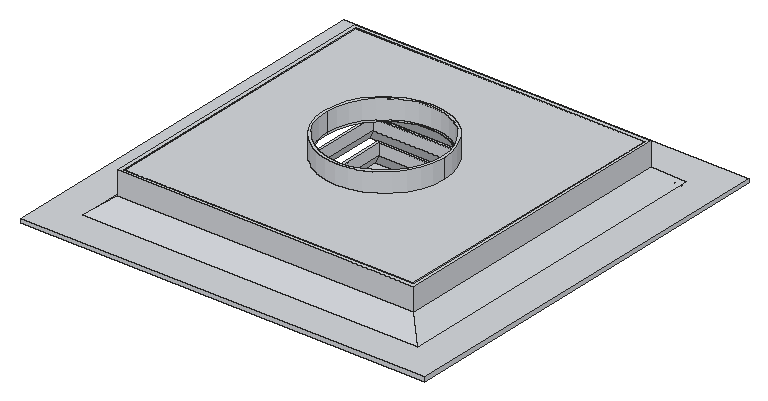
Revit family "Square Diffuser-Round Neck-Return", category Air Terminals, Revit 2013
Parameters (values of type "525x525-Square Diffuser-Round Neck-Return")
  UpFlowArrow [instance] = yes
  Spigot Radius [instance] = Spigot Diameter / 2  # 75 mm
  Spigot Outside Radius [instance] = Spigot Radius + 3.0 mm  # 78 mm
  Spigot Diameter [instance] = if(Air Flow < 31.0 L/s, 100.0 mm, if(Air Flow < 71.0 L/s, 150.0 mm, if(Air Flow < 121.0 L/s, 200.0 mm, if(Air Flow < 201.0 L/s, 250.0 mm, 300.0 mm))))  # 150 mm
  Pressure Drop [instance] = 14.0 Pa
  RightFlowArrow [instance] = yes
  Max Flow = 70.0 L/s
  LeftFlowArrow [instance] = yes
  Flow [instance] = 70.0 L/s
  Diffuser Service [instance] = "RD"
  Diffuser Neck Length = 375 mm
  Diffuser Neck Width = 375 mm
  DownFlowArrow [instance] = yes
  Diffuser Total Length = Diffuser Neck Length + 150.0 mm  # 525.0 mm
  Diffuser Total Width = Diffuser Neck Width + 150.0 mm  # 525.0 mm
  Description = ""
  Assembly Code = ""
  Air Flow [instance] = Flow  # 70.0 L/s
Types (5, lengths in mm): name | Spigot Radius | Spigot Outside Radius | Spigot Diameter | Max Flow | Flow | Diffuser Neck Length | Diffuser Neck Width | Diffuser Total Length | Diffuser Total Width | Air Flow
  600x600-Square Diffuser-Round Neck-Return | 75 | 78 | 150 | 70.0 L/s | 70.0 L/s | 450 | 450 | 600.0 | 600.0 | 70.0 L/s
  525x525-Square Diffuser-Round Neck-Return | 75 | 78 | 150 | 70.0 L/s | 70.0 L/s | 375 | 375 | 525.0 | 525.0 | 70.0 L/s
  450x450-Square Diffuser-Round Neck-Return | 75 | 78 | 150 | 70.0 L/s | 70.0 L/s | 300 | 300 | 450.0 | 450.0 | 70.0 L/s
  300x300-Square Diffuser-Round Neck-Return | 50 | 53 | 100 | 30.0 L/s | 30.0 L/s | 225 | 225 | 375.0 | 375.0 | 30.0 L/s
  375x375-Square Diffuser-Round Neck-Return | 75 | 78 | 150 | 70.0 L/s | 70.0 L/s | 225 | 225 | 375.0 | 375.0 | 70.0 L/s
Reference planes
  plane 1 "Center (Front/Back)": y = 0
  plane 2: z = 0
  plane 3 "Center (Left/Right)": x = 0
  plane 4: x = -187.5
  plane 5: x = 187.5
  plane 6: x = -192.5
  plane 7: x = 192.5
  plane 8: y = 187.5
  plane 9: y = -187.5
  plane 10: y = 192.5
  plane 11: y = -192.5
  plane 12: z = -5
  plane 13: x = -217.5
  plane 14: x = -262.5
  plane 15: x = 217.5
  plane 16: x = 262.5
  plane 17: z = 20
  plane 18: z = 50
  plane 19: y = 312.5
  plane 20: x = 312.5
  plane 21: y = -312.5
  plane 22: x = -312.5
Forms (mm)
  Sweep 1, solid
    path origin (0, 0, 0) x (1, 0, 0) y (0, 1, 0)
      loop
        line (-192.5, -192.5) -> (192.5, -192.5) -> (192.5, 192.5) -> (-192.5, 192.5) -> (-192.5, -192.5)
    profile origin (-192.5, 0, 0) x (-1, 0, 0) y (0, 0, 1)
      loop
        line (70, -5) -> (70, 0) -> (25, 0) -> (0, 20) -> (0, 50) -> (-5, 50) -> (-5, 17.597) -> (23.246, -5) -> (70, -5)
  Sweep 2, solid
    path origin (0, 0, 0) x (1, 0, 0) y (0, 1, 0)
      loop
        line (-175, -175) -> (175, -175) -> (175, 175) -> (-175, 175) -> (-175, -175)
    profile "Sq Diff Fins : Sq Diff Fins" origin (-175, 0, 0) x (-1, 0, 0) y (0, 0, 1)
      loop
        line (0, -5) -> (-22, 20) -> (-22, 35) -> (-25, 35) -> (-25, 20) -> (-3.5, -5) -> (0, -5)
  Sweep 3, solid
    path origin (0, 0, 0) x (1, 0, 0) y (0, 1, 0)
      loop
        line (-137.5, -137.5) -> (137.5, -137.5) -> (137.5, 137.5) -> (-137.5, 137.5) -> (-137.5, -137.5)
    profile "Sq Diff Fins : Sq Diff Fins" origin (-137.5, 0, 0) x (-1, 0, 0) y (0, 0, 1)
      loop
        line (0, -5) -> (-22, 20) -> (-22, 35) -> (-25, 35) -> (-25, 20) -> (-3.5, -5) -> (0, -5)
  Sweep 4, solid
    path origin (0, 0, 0) x (1, 0, 0) y (0, 1, 0)
      loop
        line (-100, -100) -> (100, -100) -> (100, 100) -> (-100, 100) -> (-100, -100)
    profile "Sq Diff Fins : Sq Diff Fins" origin (-100, 0, 0) x (-1, 0, 0) y (0, 0, 1)
      loop
        line (0, -5) -> (-22, 20) -> (-22, 35) -> (-25, 35) -> (-25, 20) -> (-3.5, -5) -> (0, -5)
  Sweep 5, solid
    path origin (0, 0, 0) x (1, 0, 0) y (0, 1, 0)
      loop
        line (-100, -100) -> (100, -100) -> (100, 100) -> (-100, 100) -> (-100, -100)
    profile "Sq Diff Fins : Sq Diff Fins" origin (-100, 0, 0) x (-1, 0, 0) y (0, 0, 1)
      loop
        line (0, -5) -> (-22, 20) -> (-22, 35) -> (-25, 35) -> (-25, 20) -> (-3.5, -5) -> (0, -5)
  Sweep 6, solid
    path origin (0, 0, 0) x (1, 0, 0) y (0, 1, 0)
      loop
        line (-62.5, -62.5) -> (62.5, -62.5) -> (62.5, 62.5) -> (-62.5, 62.5) -> (-62.5, -62.5)
    profile "Sq Diff Fins : Sq Diff Fins" origin (-62.5, 0, 0) x (-1, 0, 0) y (0, 0, 1)
      loop
        line (0, -5) -> (-22, 20) -> (-22, 35) -> (-25, 35) -> (-25, 20) -> (-3.5, -5) -> (0, -5)
  Extrusion 7, solid
    sketch origin (0, 0, 0) x (1, 0, 0) y (0, 1, 0)
      loop
        line (-62.5, -62.5) -> (62.5, -62.5) -> (62.5, 62.5) -> (-62.5, 62.5) -> (-62.5, -62.5)
    from -5 to -4
  Extrusion 8, solid
    sketch origin (0, 0, 0) x (1, 0, 0) y (0, 1, 0)
      loop
        line (-187.5, -187.5) -> (187.5, -187.5) -> (187.5, 187.5) -> (-187.5, 187.5) -> (-187.5, -187.5)
    from 50 to 48
  Extrusion 9, solid
    sketch origin (0, 0, 0) x (1, 0, 0) y (0, 1, 0)
      loop
        circle (0, 0) r 75
      loop
        circle (0, 0) r 78
    from 50 to 75
  Extrusion 10, void
    sketch origin (0, 0, 0) x (1, 0, 0) y (0, 1, 0)
      loop
        circle (0, 0) r 75
    from 50 to 47
Cuts and joins
  Extrusion 10 cuts Extrusion 8
Lines and regions (mm)
  symbolic lines
    curve 1: line (-262.5, 262.5, 0) -> (262.5, 262.5, 0)
    curve 2: line (-262.5, -262.5, 0) -> (-262.5, 262.5, 0)
    curve 3: line (262.5, -262.5, 0) -> (-262.5, -262.5, 0)
    curve 4: line (262.5, 262.5, 0) -> (262.5, -262.5, 0)
    curve 5: line (262.5, 262.5, 0) -> (-262.5, -262.5, 0)
Dimensions and locks
  equal spacing: plane 5, plane 3 "Center (Left/Right)", plane 4
  "Diffuser Neck Length": plane 5 to plane 4
  locked: plane 6 to plane 4 at 5
  locked: plane 7 to plane 5 at 5
  equal spacing: plane 8, plane 1 "Center (Front/Back)", plane 9
  "Diffuser Neck Width": plane 8 to plane 9
  locked: plane 9 to plane 11 at 5
  locked: plane 10 to plane 8 at 5
  locked: level to plane 12 at 5
  locked: plane 4 to plane 13 at 30
  locked: plane 13 to plane 14 at 45
  locked: plane 15 to plane 5 at 30
  locked: plane 16 to plane 15 at 45
  locked: plane 17 to level at 20
  locked: plane 18 to plane 17 at 30
  plane 5 to plane 20 = 125.0 mm
  plane 22 to plane 4 = 125.0 mm
  plane 19 to plane 8 = 125.0 mm
  plane 9 to plane 21 = 125.0 mm
  "Spigot Radius": radius of Extrusion 9 sketch curve
  "Spigot Outside Radius": radius of Extrusion 9 sketch curve
  "Spigot Radius": radius of Extrusion 10 sketch curve
  aligned and locked: plane 20 to nested 1
  aligned and locked: plane 19 to nested 2
  aligned and locked: nested 3 to plane 22
  aligned and locked: nested 4 to plane 21
Automatic sketch dimensions
  Sweep 1 sketch curve to plane 10 = 0.0 mm
  Sweep 1 sketch curve to plane 6 = 0.0 mm
  Sweep 1 sketch curve to plane 7 = 0.0 mm
  Sweep 1 sketch curve to plane 11 = 0.0 mm
  Sweep 1 sketch curve to profile plane = 0.0 mm
  Sweep 1 sketch curve to level = 0.0 mm
  Sweep 1 sketch curve to Sweep 1 sketch curve = 5.0 mm
  Sweep 1 sketch curve to profile plane = 25.0 mm
  Sweep 1 sketch curve to Sweep 1 sketch curve = 45.0 mm
  Sweep 1 sketch curve to level = 5.0 mm
  Sweep 1 sketch curve to Sweep 1 sketch curve = 1.754 mm
  level to Sweep 1 sketch curve = 20.0 mm
  Sweep 1 sketch curve to Sweep 1 sketch curve = 30.0 mm
  Sweep 1 sketch curve to Sweep 1 sketch curve = 2.403 mm
  Sweep 2 sketch curve to plane 8 = 12.5 mm
  plane 4 to Sweep 2 sketch curve = 12.5 mm
  plane 9 to Sweep 2 sketch curve = 12.5 mm
  Sweep 2 sketch curve to plane 5 = 12.5 mm
  plane 4 to Sweep 3 sketch curve = 50.0 mm
  Sweep 3 sketch curve to plane 8 = 50.0 mm
  Sweep 3 sketch curve to plane 5 = 50.0 mm
  plane 9 to Sweep 3 sketch curve = 50.0 mm
  plane 4 to Sweep 4 sketch curve = 87.5 mm
  Sweep 4 sketch curve to plane 8 = 87.5 mm
  Sweep 4 sketch curve to plane 5 = 87.5 mm
  plane 9 to Sweep 4 sketch curve = 87.5 mm
  Sweep 5 sketch curve to plane 3 "Center (Left/Right)" = 100.0 mm
  Sweep 5 sketch curve to plane 1 "Center (Front/Back)" = 100.0 mm
  plane 3 "Center (Left/Right)" to Sweep 5 sketch curve = 100.0 mm
  plane 1 "Center (Front/Back)" to Sweep 5 sketch curve = 100.0 mm
  Sweep 6 sketch curve to plane 3 "Center (Left/Right)" = 62.5 mm
  Sweep 6 sketch curve to plane 1 "Center (Front/Back)" = 62.5 mm
  plane 3 "Center (Left/Right)" to Sweep 6 sketch curve = 62.5 mm
  plane 1 "Center (Front/Back)" to Sweep 6 sketch curve = 62.5 mm
  Extrusion 7 sketch curve to plane 3 "Center (Left/Right)" = 62.5 mm
  plane 1 "Center (Front/Back)" to Extrusion 7 sketch curve = 62.5 mm
  plane 3 "Center (Left/Right)" to Extrusion 7 sketch curve = 62.5 mm
  Extrusion 7 sketch curve to plane 1 "Center (Front/Back)" = 62.5 mm
  Extrusion 8 sketch curve to plane 4 = 0.0 mm
  Extrusion 8 sketch curve to plane 5 = 0.0 mm
  Extrusion 8 sketch curve to plane 9 = 0.0 mm
  Extrusion 8 sketch curve to plane 8 = 0.0 mm
  Extrusion 9 sketch curve to Extrusion 9 sketch curve = 0.0 mm  (x2)
  Extrusion 9 sketch curve to plane 1 "Center (Front/Back)" = 0.0 mm
  Extrusion 9 sketch curve to plane 3 "Center (Left/Right)" = 0.0 mm
  Extrusion 10 sketch curve to plane 1 "Center (Front/Back)" = 0.0 mm
  Extrusion 10 sketch curve to plane 3 "Center (Left/Right)" = 0.0 mm
  curve 1 to plane 14 = 0.0 mm
  plane 21 to curve 3 = 50.0 mm
  curve 4 to plane 19 = 50.0 mm
  curve 4 to plane 16 = 0.0 mm
Nested families
  nested 1: "RDIFF-ARR" at (312.5, 0, 0), visible <- "RightFlowArrow", type "Return Diffuser Arrow"
  nested 2: "RDIFF-ARR" at (0, 312.5, 0) x (0, 1, 0) z (0, 0, 1), visible <- "UpFlowArrow", type "Return Diffuser Arrow"
  nested 3: "RDIFF-ARR" at (-312.5, 0, 0) x (-1, 0, 0) z (0, 0, 1), visible <- "LeftFlowArrow", type "Return Diffuser Arrow"
  nested 4: "RDIFF-ARR" at (0, -312.5, 0) x (0, -1, 0) z (0, 0, 1), visible <- "DownFlowArrow", type "Return Diffuser Arrow"
Connectors
  hvac at (0, 0, 75), driven by "Spigot Radius"
    settings: on Extrusion 9, index 1, duct flow 0.0 L/s, flow factor 0, pres drop 0.0 Pa, loss coef 0, conn angle 0.00°, conn width 304.8 mm, conn height 304.8 mm, conn radius 75 mm, duct sys type 2, conn prof type 0, flow config 0, flow direction 0, loss method 0, conn ref index -1, conn util no, is conn primary yes, conn desc ""
Definition of nested family "RDIFF-ARR"
  Parameters (values of type "Return Diffuser Arrow")
    Width = (Length / 2) / cos(15.00°)  # 310.583 mm
    Length = 600 mm
  Reference planes
    plane 1 "Center (Front/Back)": y = 0
    plane 2: z = 0
    plane 3 "Center (Left/Right)": x = 0
  Lines and regions (mm)
    Filled region 1, type "Solid Fill - Black", in view "Ref. Level"
      outline origin (0, 0, 0) x (1, 0, 0) y (0, 1, 0)
        loop
          line (0, 0) -> (100, -40.402) -> (100, -8) -> (151.671, -8) -> (165.59, -65.605) -> (187.478, 22.181) -> (196.132, -8) -> (250, -8) -> (250, 8) -> (200.771, 8) -> (186.785, 60.601) -> (165.359, -25.334) -> (156.736, 8) -> (100.118, 8) -> (100.118, 40.45) -> (0, 0)
    detail lines, in view "Ref. Level"
      curve 1: line (0, 0, 0) -> (100.118, 40.45, 0)
      curve 2: line (100.118, 40.45, 0) -> (100.118, 8, 0)
      curve 3: line (100.118, 8, 0) -> (156.736, 8, 0)
      curve 4: line (156.736, 8, 0) -> (165.359, -25.334, 0)
      curve 5: line (165.359, -25.334, 0) -> (186.785, 60.601, 0)
      curve 6: line (186.785, 60.601, 0) -> (200.771, 8, 0)
      curve 7: line (200.771, 8, 0) -> (250, 8, 0)
      curve 8: line (250, 8, 0) -> (250, -8, 0)
      curve 9: line (250, -8, 0) -> (196.132, -8, 0)
      curve 10: line (196.132, -8, 0) -> (187.478, 22.181, 0)
      curve 11: line (187.478, 22.181, 0) -> (165.59, -65.605, 0)
      curve 12: line (165.59, -65.605, 0) -> (151.671, -8, 0)
      curve 13: line (151.671, -8, 0) -> (100, -8, 0)
      curve 14: line (100, -8, 0) -> (100, -40.402, 0)
      curve 15: line (0, 0, 0) -> (100, -40.402, 0)
